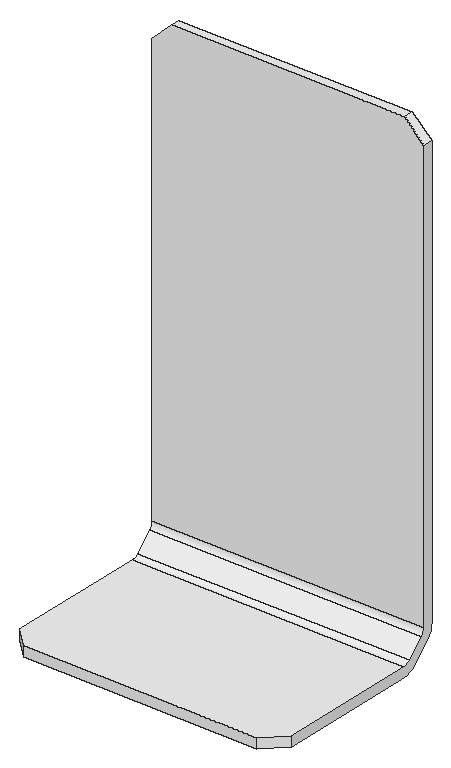
Revit family "JOMA_423", category Structural Connections, host Face, Revit 2012 (continued)
Lines and regions (mm)
  symbolic lines, visible <- "Vinkelbeslag 4230203"
    curve 369: line (7, -36, 0) -> (7, -30, 0)
    curve 370: line (-7, -36, 0) -> (-7, -30, 0)
    curve 371: arc (-7, -30, 0) -> (0, -23, 0) -> (7, -30, 0) r 7
    curve 372: arc (-7, -36, 0) -> (0, -43, 0) -> (7, -36, 0) r 7
    curve 373: spline (-12.525, -27.521, 0) -> (-12.443, -26.368, 0) -> (-12.361, -25.196, 0) -> (-12.28, -24.005, 0) -> (-12.2, -22.796, 0) -> (-12.12, -21.569, 0) -> (-12.041, -20.323, 0) -> (-11.963, -19.059, 0) -> (-11.886, -17.778, 0) -> (-11.81, -16.479, 0) -> (-11.734, -15.162, 0) -> (-11.659, -13.828, 0) -> (-11.586, -12.477, 0)
    curve 374: arc (-22.475, -27.521, 0) -> (-17.5, -32.148, 0) -> (-12.525, -27.521, 0) r 4.988
    curve 375: spline (-23.414, -12.477, 0) -> (-23.341, -13.828, 0) -> (-23.266, -15.162, 0) -> (-23.19, -16.479, 0) -> (-23.114, -17.778, 0) -> (-23.037, -19.059, 0) -> (-22.959, -20.323, 0) -> (-22.88, -21.569, 0) -> (-22.8, -22.796, 0) -> (-22.72, -24.005, 0) -> (-22.639, -25.196, 0) -> (-22.557, -26.368, 0) -> (-22.475, -27.521, 0)
    curve 376: line (-24.932, -8.818, 0) -> (-24.932, -2.5, 0)
    curve 377: arc (-23.414, -12.477, 0) -> (-23.891, -10.531, 0) -> (-24.932, -8.818, 0) r 6.575
    curve 378: line (-10.068, -8.818, 0) -> (-10.068, -2.5, 0)
    curve 379: arc (-11.586, -12.477, 0) -> (-11.109, -10.531, 0) -> (-10.068, -8.818, 0) r 6.575
    curve 380: circle (30, -35, 0) r 2.5 normal (0, 0, -1)
    curve 381: circle (20, -50, 0) r 2.5 normal (0, 0, -1)
    curve 382: spline (12.525, -27.521, 0) -> (12.443, -26.368, 0) -> (12.361, -25.196, 0) -> (12.28, -24.005, 0) -> (12.2, -22.796, 0) -> (12.12, -21.569, 0) -> (12.041, -20.323, 0) -> (11.963, -19.059, 0) -> (11.886, -17.778, 0) -> (11.81, -16.479, 0) -> (11.734, -15.162, 0) -> (11.659, -13.828, 0) -> (11.586, -12.477, 0)
    curve 383: arc (22.475, -27.521, 0) -> (17.5, -32.148, 0) -> (12.525, -27.521, 0) r 4.988
    curve 384: spline (23.414, -12.477, 0) -> (23.341, -13.828, 0) -> (23.266, -15.162, 0) -> (23.19, -16.479, 0) -> (23.114, -17.778, 0) -> (23.037, -19.059, 0) -> (22.959, -20.323, 0) -> (22.88, -21.569, 0) -> (22.8, -22.796, 0) -> (22.72, -24.005, 0) -> (22.639, -25.196, 0) -> (22.557, -26.368, 0) -> (22.475, -27.521, 0)
    curve 385: line (24.932, -8.818, 0) -> (24.932, -2.5, 0)
    curve 386: arc (23.414, -12.477, 0) -> (23.891, -10.531, 0) -> (24.932, -8.818, 0) r 6.575
    curve 387: line (10.068, -8.818, 0) -> (10.068, -2.5, 0)
    curve 388: arc (11.586, -12.477, 0) -> (11.109, -10.531, 0) -> (10.068, -8.818, 0) r 6.575
    curve 411: circle (-25, 0, 155) r 2.5 normal (0, -1, 0)
    curve 412: circle (0, 0, 155) r 2.5 normal (0, -1, 0)
    curve 413: circle (25, 0, 155) r 2.5 normal (0, 1, 0)
    curve 414: circle (-25, 0, 125) r 2.5 normal (0, -1, 0)
    curve 415: circle (0, 0, 125) r 2.5 normal (0, -1, 0)
    curve 416: circle (25, 0, 125) r 2.5 normal (0, 1, 0)
    curve 417: circle (-20, 0, 95) r 2.5 normal (0, -1, 0)
    curve 418: circle (-25, 0, 70) r 2.5 normal (0, -1, 0)
    curve 419: circle (-20, 0, 50) r 2.5 normal (0, -1, 0)
    curve 420: circle (-30, 0, 20) r 2.5 normal (0, -1, 0)
    curve 421: circle (0, 0, 70) r 2.5 normal (0, -1, 0)
    curve 422: circle (0, 0, 105) r 5.5 normal (0, -1, 0)
    curve 423: circle (0, 0, 50) r 5.5 normal (0, -1, 0)
    curve 424: circle (0, 0, 20) r 2.5 normal (0, -1, 0)
    curve 425: circle (20, 0, 95) r 2.5 normal (0, 1, 0)
    curve 426: circle (25, 0, 70) r 2.5 normal (0, 1, 0)
    curve 427: circle (20, 0, 50) r 2.5 normal (0, 1, 0)
    curve 428: circle (30, 0, 20) r 2.5 normal (0, 1, 0)
    curve 429: line (-24.932, 0, 2.5) -> (-24.932, 0, 8.818)
    curve 430: spline (-21.652, 0, 37.548) -> (-21.811, 0, 35.805) -> (-21.968, 0, 33.997) -> (-22.123, 0, 32.124) -> (-22.275, 0, 30.188) -> (-22.426, 0, 28.19) -> (-22.574, 0, 26.13) -> (-22.72, 0, 24.01) -> (-22.863, 0, 21.83) -> (-23.004, 0, 19.592) -> (-23.142, 0, 17.296) -> (-23.278, 0, 14.943) -> (-23.411, 0, 12.536)
    curve 431: arc (-13.348, 0, 37.548) -> (-17.5, 0, 41.33) -> (-21.652, 0, 37.548) r 4.17
    curve 432: spline (-11.589, 0, 12.536) -> (-11.722, 0, 14.943) -> (-11.858, 0, 17.296) -> (-11.996, 0, 19.592) -> (-12.137, 0, 21.83) -> (-12.28, 0, 24.01) -> (-12.426, 0, 26.13) -> (-12.574, 0, 28.19) -> (-12.725, 0, 30.188) -> (-12.877, 0, 32.124) -> (-13.032, 0, 33.997) -> (-13.189, 0, 35.805) -> (-13.348, 0, 37.548)
    curve 433: line (-10.068, 0, 8.818) -> (-10.068, 0, 2.5)
    curve 434: arc (-24.932, 0, 8.818) -> (-23.853, 0, 10.547) -> (-23.411, 0, 12.536) r 6.036
    curve 435: arc (-10.068, 0, 8.818) -> (-11.147, 0, 10.547) -> (-11.589, 0, 12.536) r 6.036
    curve 436: line (24.932, 0, 2.5) -> (24.932, 0, 8.818)
    curve 437: spline (21.652, 0, 37.548) -> (21.811, 0, 35.805) -> (21.968, 0, 33.997) -> (22.123, 0, 32.124) -> (22.275, 0, 30.188) -> (22.426, 0, 28.19) -> (22.574, 0, 26.13) -> (22.72, 0, 24.01) -> (22.863, 0, 21.83) -> (23.004, 0, 19.592) -> (23.142, 0, 17.296) -> (23.278, 0, 14.943) -> (23.411, 0, 12.536)
    curve 438: arc (13.348, 0, 37.548) -> (17.5, 0, 41.33) -> (21.652, 0, 37.548) r 4.17
    curve 439: spline (11.589, 0, 12.536) -> (11.722, 0, 14.943) -> (11.858, 0, 17.296) -> (11.996, 0, 19.592) -> (12.137, 0, 21.83) -> (12.28, 0, 24.01) -> (12.426, 0, 26.13) -> (12.574, 0, 28.19) -> (12.725, 0, 30.188) -> (12.877, 0, 32.124) -> (13.032, 0, 33.997) -> (13.189, 0, 35.805) -> (13.348, 0, 37.548)
    curve 440: line (10.068, 0, 8.818) -> (10.068, 0, 2.5)
    curve 441: arc (24.932, 0, 8.818) -> (23.853, 0, 10.547) -> (23.411, 0, 12.536) r 6.036
    curve 442: arc (10.068, 0, 8.818) -> (11.147, 0, 10.547) -> (11.589, 0, 12.536) r 6.036
    curve 529: arc (0, -2.5, 41.33) -> (0, -2.565, 40.823) -> (0, -2.757, 40.349) r 2
    curve 530: arc (0, -3.584, 37.5) -> (0, -3.335, 38.972) -> (0, -2.757, 40.349) r 6.5
    curve 531: line (0, -3.584, 37.5) -> (0, -4.895, 12.498)
    curve 532: arc (0, -4.895, 12.498) -> (0, -5.235, 11.081) -> (0, -6.061, 9.879) r 4
    curve 533: line (0, -6.061, 9.879) -> (0, -9.879, 6.061)
    curve 534: arc (0, -9.879, 6.061) -> (0, -11.081, 5.235) -> (0, -12.498, 4.895) r 4
    curve 535: line (0, -12.498, 4.895) -> (0, -27.5, 4.108)
    curve 536: arc (0, -30.974, 2.881) -> (0, -29.326, 3.746) -> (0, -27.5, 4.108) r 6.5
    curve 537: arc (0, -30.974, 2.881) -> (0, -31.531, 2.598) -> (0, -32.148, 2.5) r 2
  symbolic lines, visible <- "Vinkelbeslag 4230203", not visible
    curve 389: circle (-30, -35, 0) r 2.5 normal (0, 0, 1)
    curve 390: circle (-20, -50, 0) r 2.5 normal (0, 0, 1)
    curve 391: line (7, -36, 0) -> (7, -30, 0)
    curve 392: line (-7, -36, 0) -> (-7, -30, 0)
    curve 393: arc (-7, -30, 0) -> (0, -23, 0) -> (7, -30, 0) r 7
    curve 394: arc (-7, -36, 0) -> (0, -43, 0) -> (7, -36, 0) r 7
    curve 395: spline (-12.525, -27.521, 0) -> (-12.443, -26.368, 0) -> (-12.361, -25.196, 0) -> (-12.28, -24.005, 0) -> (-12.2, -22.796, 0) -> (-12.12, -21.569, 0) -> (-12.041, -20.323, 0) -> (-11.963, -19.059, 0) -> (-11.886, -17.778, 0) -> (-11.81, -16.479, 0) -> (-11.734, -15.162, 0) -> (-11.659, -13.828, 0) -> (-11.586, -12.477, 0)
    curve 396: arc (-22.475, -27.521, 0) -> (-17.5, -32.148, 0) -> (-12.525, -27.521, 0) r 4.988
    curve 397: spline (-23.414, -12.477, 0) -> (-23.341, -13.828, 0) -> (-23.266, -15.162, 0) -> (-23.19, -16.479, 0) -> (-23.114, -17.778, 0) -> (-23.037, -19.059, 0) -> (-22.959, -20.323, 0) -> (-22.88, -21.569, 0) -> (-22.8, -22.796, 0) -> (-22.72, -24.005, 0) -> (-22.639, -25.196, 0) -> (-22.557, -26.368, 0) -> (-22.475, -27.521, 0)
    curve 398: line (-24.932, -8.818, 0) -> (-24.932, -2.5, 0)
    curve 399: arc (-23.414, -12.477, 0) -> (-23.891, -10.531, 0) -> (-24.932, -8.818, 0) r 6.575
    curve 400: line (-10.068, -8.818, 0) -> (-10.068, -2.5, 0)
    curve 401: arc (-11.586, -12.477, 0) -> (-11.109, -10.531, 0) -> (-10.068, -8.818, 0) r 6.575
    curve 402: circle (30, -35, 0) r 2.5 normal (0, 0, -1)
    curve 403: circle (20, -50, 0) r 2.5 normal (0, 0, -1)
    curve 404: spline (12.525, -27.521, 0) -> (12.443, -26.368, 0) -> (12.361, -25.196, 0) -> (12.28, -24.005, 0) -> (12.2, -22.796, 0) -> (12.12, -21.569, 0) -> (12.041, -20.323, 0) -> (11.963, -19.059, 0) -> (11.886, -17.778, 0) -> (11.81, -16.479, 0) -> (11.734, -15.162, 0) -> (11.659, -13.828, 0) -> (11.586, -12.477, 0)
    curve 405: arc (22.475, -27.521, 0) -> (17.5, -32.148, 0) -> (12.525, -27.521, 0) r 4.988
    curve 406: spline (23.414, -12.477, 0) -> (23.341, -13.828, 0) -> (23.266, -15.162, 0) -> (23.19, -16.479, 0) -> (23.114, -17.778, 0) -> (23.037, -19.059, 0) -> (22.959, -20.323, 0) -> (22.88, -21.569, 0) -> (22.8, -22.796, 0) -> (22.72, -24.005, 0) -> (22.639, -25.196, 0) -> (22.557, -26.368, 0) -> (22.475, -27.521, 0)
    curve 407: line (24.932, -8.818, 0) -> (24.932, -2.5, 0)
    curve 408: arc (23.414, -12.477, 0) -> (23.891, -10.531, 0) -> (24.932, -8.818, 0) r 6.575
    curve 409: line (10.068, -8.818, 0) -> (10.068, -2.5, 0)
    curve 410: arc (11.586, -12.477, 0) -> (11.109, -10.531, 0) -> (10.068, -8.818, 0) r 6.575
    curve 443: circle (-25, 0, 155) r 2.5 normal (0, -1, 0)
    curve 444: circle (0, 0, 155) r 2.5 normal (0, -1, 0)
    curve 445: circle (25, 0, 155) r 2.5 normal (0, 1, 0)
    curve 446: circle (-25, 0, 125) r 2.5 normal (0, -1, 0)
    curve 447: circle (0, 0, 125) r 2.5 normal (0, -1, 0)
    curve 448: circle (25, 0, 125) r 2.5 normal (0, 1, 0)
    curve 449: circle (-20, 0, 95) r 2.5 normal (0, -1, 0)
    curve 450: circle (-25, 0, 70) r 2.5 normal (0, -1, 0)
    curve 451: circle (-20, 0, 50) r 2.5 normal (0, -1, 0)
    curve 452: circle (-30, 0, 20) r 2.5 normal (0, -1, 0)
    curve 453: circle (0, 0, 70) r 2.5 normal (0, -1, 0)
    curve 454: circle (0, 0, 105) r 5.5 normal (0, -1, 0)
    curve 455: circle (0, 0, 50) r 5.5 normal (0, -1, 0)
    curve 456: circle (0, 0, 20) r 2.5 normal (0, -1, 0)
    curve 457: circle (20, 0, 95) r 2.5 normal (0, 1, 0)
    curve 458: circle (25, 0, 70) r 2.5 normal (0, 1, 0)
    curve 459: circle (20, 0, 50) r 2.5 normal (0, 1, 0)
    curve 460: circle (30, 0, 20) r 2.5 normal (0, 1, 0)
    curve 461: line (-24.932, 0, 2.5) -> (-24.932, 0, 8.818)
    curve 462: spline (-21.652, 0, 37.548) -> (-21.811, 0, 35.805) -> (-21.968, 0, 33.997) -> (-22.123, 0, 32.124) -> (-22.275, 0, 30.188) -> (-22.426, 0, 28.19) -> (-22.574, 0, 26.13) -> (-22.72, 0, 24.01) -> (-22.863, 0, 21.83) -> (-23.004, 0, 19.592) -> (-23.142, 0, 17.296) -> (-23.278, 0, 14.943) -> (-23.411, 0, 12.536)
    curve 463: arc (-13.348, 0, 37.548) -> (-17.5, 0, 41.33) -> (-21.652, 0, 37.548) r 4.17
    curve 464: spline (-11.589, 0, 12.536) -> (-11.722, 0, 14.943) -> (-11.858, 0, 17.296) -> (-11.996, 0, 19.592) -> (-12.137, 0, 21.83) -> (-12.28, 0, 24.01) -> (-12.426, 0, 26.13) -> (-12.574, 0, 28.19) -> (-12.725, 0, 30.188) -> (-12.877, 0, 32.124) -> (-13.032, 0, 33.997) -> (-13.189, 0, 35.805) -> (-13.348, 0, 37.548)
    curve 465: line (-10.068, 0, 8.818) -> (-10.068, 0, 2.5)
    curve 466: arc (-24.932, 0, 8.818) -> (-23.853, 0, 10.547) -> (-23.411, 0, 12.536) r 6.036
    curve 467: arc (-10.068, 0, 8.818) -> (-11.147, 0, 10.547) -> (-11.589, 0, 12.536) r 6.036
    curve 468: line (24.932, 0, 2.5) -> (24.932, 0, 8.818)
    curve 469: spline (21.652, 0, 37.548) -> (21.811, 0, 35.805) -> (21.968, 0, 33.997) -> (22.123, 0, 32.124) -> (22.275, 0, 30.188) -> (22.426, 0, 28.19) -> (22.574, 0, 26.13) -> (22.72, 0, 24.01) -> (22.863, 0, 21.83) -> (23.004, 0, 19.592) -> (23.142, 0, 17.296) -> (23.278, 0, 14.943) -> (23.411, 0, 12.536)
    curve 470: arc (13.348, 0, 37.548) -> (17.5, 0, 41.33) -> (21.652, 0, 37.548) r 4.17
    curve 471: spline (11.589, 0, 12.536) -> (11.722, 0, 14.943) -> (11.858, 0, 17.296) -> (11.996, 0, 19.592) -> (12.137, 0, 21.83) -> (12.28, 0, 24.01) -> (12.426, 0, 26.13) -> (12.574, 0, 28.19) -> (12.725, 0, 30.188) -> (12.877, 0, 32.124) -> (13.032, 0, 33.997) -> (13.189, 0, 35.805) -> (13.348, 0, 37.548)
    curve 472: line (10.068, 0, 8.818) -> (10.068, 0, 2.5)
    curve 473: arc (24.932, 0, 8.818) -> (23.853, 0, 10.547) -> (23.411, 0, 12.536) r 6.036
    curve 474: arc (10.068, 0, 8.818) -> (11.147, 0, 10.547) -> (11.589, 0, 12.536) r 6.036
    curve 538: arc (0, -2.5, 41.33) -> (0, -2.565, 40.823) -> (0, -2.757, 40.349) r 2
    curve 539: arc (0, -3.584, 37.5) -> (0, -3.335, 38.972) -> (0, -2.757, 40.349) r 6.5
    curve 540: line (0, -3.584, 37.5) -> (0, -4.895, 12.498)
    curve 541: arc (0, -4.895, 12.498) -> (0, -5.235, 11.081) -> (0, -6.061, 9.879) r 4
    curve 542: line (0, -6.061, 9.879) -> (0, -9.879, 6.061)
    curve 543: arc (0, -9.879, 6.061) -> (0, -11.081, 5.235) -> (0, -12.498, 4.895) r 4
    curve 544: line (0, -12.498, 4.895) -> (0, -27.5, 4.108)
    curve 545: arc (0, -30.974, 2.881) -> (0, -29.326, 3.746) -> (0, -27.5, 4.108) r 6.5
    curve 546: arc (0, -30.974, 2.881) -> (0, -31.531, 2.598) -> (0, -32.148, 2.5) r 2
Text (mm)
  text "Virkesdel A" at (288.172, 0, 116.533), in view "Front"
  text "Virkesdel B/Betong" at (183.717, -6.69, 0), in view "Ref. Level"
Dimensions and locks
  "b": plane 5 to plane 4
  "l": plane 1 "Center (Front/Back)" to plane 6
  "h": plane 7 to host face
  equal spacing: plane 5, plane 3 "Center (Left/Right)", plane 4
  "t": plane 1 "Center (Front/Back)" to Extrusion 1
  "t": Extrusion 1 to host face
  plane 7 to host face = 125.000 mm
  aligned and locked: plane 2 to host face
  aligned and locked: level to host face
  aligned and locked: plane 5 to Extrusion 1
  aligned and locked: Extrusion 1 to plane 4
  aligned and locked: Extrusion 1 to plane 6
  aligned and locked: plane 7 to Extrusion 1
Automatic sketch dimensions
  host sketch curve to host sketch curve = 2438.400 mm  (x2)
  Extrusion 1 sketch curve to Extrusion 1 sketch curve = 0.000 mm  (x3)
  Extrusion 1 sketch curve to plane 6 = 0.000 mm
  Extrusion 1 sketch curve to plane 7 = 0.000 mm
  Extrusion 1 sketch curve to plane 1 "Center (Front/Back)" = 0.000 mm
  Extrusion 1 sketch curve to level = 0.000 mm
  plane 1 "Center (Front/Back)" to Extrusion 1 sketch curve = 8.818 mm
  level to Extrusion 1 sketch curve = 3.232 mm
  Extrusion 1 sketch curve to Extrusion 1 sketch curve = 1.768 mm  (x3)
  level to Extrusion 1 sketch curve = 1.464 mm
  plane 1 "Center (Front/Back)" to Extrusion 1 sketch curve = 5.000 mm
  plane 1 "Center (Front/Back)" to Extrusion 1 sketch curve = 2.500 mm
  plane 1 "Center (Front/Back)" to Extrusion 1 sketch curve = 1.464 mm
  level to Extrusion 1 sketch curve = 2.500 mm
  level to Extrusion 1 sketch curve = 5.283 mm
  Extrusion 2 sketch curve to plane 4 = 0.000 mm
  Extrusion 2 sketch curve to plane 6 = 0.000 mm  (x2)
  Extrusion 2 sketch curve to plane 5 = 0.000 mm
  plane 4 to Extrusion 2 sketch curve = 5.000 mm
  Extrusion 2 sketch curve to plane 5 = 5.000 mm
  Extrusion 2 sketch curve to Extrusion 2 sketch curve = 5.000 mm
  plane 6 to Extrusion 2 sketch curve = 5.000 mm
  Extrusion 3 sketch curve to plane 4 = 0.000 mm
  Extrusion 3 sketch curve to plane 7 = 0.000 mm  (x2)
  Extrusion 3 sketch curve to plane 5 = 0.000 mm
  plane 4 to Extrusion 3 sketch curve = 5.000 mm
  Extrusion 3 sketch curve to Extrusion 3 sketch curve = 5.000 mm
  Extrusion 3 sketch curve to plane 7 = 5.000 mm  (x2)
Nested families
  nested 1: "Spikmönster" at (-25, 0, 117) x (1, 0, 0) z (0, -1, 0), visible <- "4230101 Spikmönster 0°≤α≤45°", type "Ø5"
  nested 2: "Spikmönster" at (25, 0, 117) x (1, 0, 0) z (0, -1, 0), visible <- "4230101 Spikmönster 0°≤α≤45°", type "Ø5"
  nested 3: "Spikmönster" at (25, 0, 70) x (1, 0, 0) z (0, -1, 0), visible <- "4230101 Spikmönster 0°≤α≤45°", type "Ø5"
  nested 4: "Spikmönster" at (-25, 0, 70) x (1, 0, 0) z (0, -1, 0), visible <- "4230101 Spikmönster 0°≤α≤45°", type "Ø5"
  nested 5: "Spikmönster" at (-20, 0, 50) x (1, 0, 0) z (0, -1, 0), visible <- "4230101 Spikmönster 0°≤α≤45°", type "Ø5"
  nested 6: "Spikmönster" at (20, 0, 50) x (1, 0, 0) z (0, -1, 0), visible <- "4230101 Spikmönster 0°≤α≤45°", type "Ø5"
  nested 7: "Spikmönster" at (-25, 0, 117) x (1, 0, 0) z (0, -1, 0), visible <- "4230101 Spikmönster 45°≤α≤90°", type "Ø5"
  nested 8: "Spikmönster" at (0, 0, 117) x (1, 0, 0) z (0, -1, 0), visible <- "4230101 Spikmönster 45°≤α≤90°", type "Ø5"
  nested 9: "Spikmönster" at (25, 0, 117) x (1, 0, 0) z (0, -1, 0), visible <- "4230101 Spikmönster 45°≤α≤90°", type "Ø5"
  nested 10: "Spikmönster" at (-25, 0, 70) x (1, 0, 0) z (0, -1, 0), visible <- "4230101 Spikmönster 45°≤α≤90°", type "Ø5"
  nested 11: "Spikmönster" at (0, 0, 70) x (1, 0, 0) z (0, -1, 0), visible <- "4230101 Spikmönster 45°≤α≤90°", type "Ø5"
  nested 12: "Spikmönster" at (25, 0, 70) x (1, 0, 0) z (0, -1, 0), visible <- "4230101 Spikmönster 45°≤α≤90°", type "Ø5"
  nested 13: "Spikmönster" at (-25, 0, 117) x (1, 0, 0) z (0, -1, 0), visible <- "4230101 Spikmönster 0°≤α≤45°", type "Ø5", not visible
  nested 14: "Spikmönster" at (25, 0, 117) x (1, 0, 0) z (0, -1, 0), visible <- "4230101 Spikmönster 0°≤α≤45°", type "Ø5", not visible
  nested 15: "Spikmönster" at (25, 0, 70) x (1, 0, 0) z (0, -1, 0), visible <- "4230101 Spikmönster 0°≤α≤45°", type "Ø5", not visible
  nested 16: "Spikmönster" at (-25, 0, 70) x (1, 0, 0) z (0, -1, 0), visible <- "4230101 Spikmönster 0°≤α≤45°", type "Ø5", not visible
  nested 17: "Spikmönster" at (-20, 0, 50) x (1, 0, 0) z (0, -1, 0), visible <- "4230101 Spikmönster 0°≤α≤45°", type "Ø5", not visible
  nested 18: "Spikmönster" at (20, 0, 50) x (1, 0, 0) z (0, -1, 0), visible <- "4230101 Spikmönster 0°≤α≤45°", type "Ø5", not visible
  nested 19: "Spikmönster" at (-25, 0, 117) x (1, 0, 0) z (0, -1, 0), visible <- "4230101 Spikmönster 45°≤α≤90°", type "Ø5", not visible
  nested 20: "Spikmönster" at (0, 0, 117) x (1, 0, 0) z (0, -1, 0), visible <- "4230101 Spikmönster 45°≤α≤90°", type "Ø5", not visible
  nested 21: "Spikmönster" at (25, 0, 117) x (1, 0, 0) z (0, -1, 0), visible <- "4230101 Spikmönster 45°≤α≤90°", type "Ø5", not visible
  nested 22: "Spikmönster" at (-25, 0, 70) x (1, 0, 0) z (0, -1, 0), visible <- "4230101 Spikmönster 45°≤α≤90°", type "Ø5", not visible
  nested 23: "Spikmönster" at (0, 0, 70) x (1, 0, 0) z (0, -1, 0), visible <- "4230101 Spikmönster 45°≤α≤90°", type "Ø5", not visible
  nested 24: "Spikmönster" at (25, 0, 70) x (1, 0, 0) z (0, -1, 0), visible <- "4230101 Spikmönster 45°≤α≤90°", type "Ø5", not visible
  nested 25: "Spikmönster" at (0, -20, 0), visible <- "4230101 Spikmönster Bult 45°≤α≤90°", type "Ø11"
  nested 26: "Spikmönster" at (0, -50, 0), visible <- "4230201 Spikmönster Bult 45°≤α≤90°", type "Ø13"
  nested 27: "Spikmönster" at (0, -60, 0), visible <- "4230202 Spikmönster Bult 45°≤α≤90°", type "Ø13"
  nested 28: "Spikmönster" at (-30, -15, 0), visible <- "4230101 Spikmönster 0°≤α≤45°", type "Ø5"
  nested 29: "Spikmönster" at (-20, -40, 0), visible <- "4230101 Spikmönster 0°≤α≤45°", type "Ø5"
  nested 30: "Spikmönster" at (0, -35, 0), visible <- "4230101 Spikmönster 0°≤α≤45°", type "Ø5"
  nested 31: "Spikmönster" at (20, -40, 0), visible <- "4230101 Spikmönster 0°≤α≤45°", type "Ø5"
  nested 32: "Spikmönster" at (30, -15, 0), visible <- "4230101 Spikmönster 0°≤α≤45°", type "Ø5"
  nested 33: "Spikmönster" at (-30, -15, 0), visible <- "4230101 Spikmönster 45°≤α≤90°", type "Ø5"
  nested 34: "Spikmönster" at (-20, -40, 0), visible <- "4230101 Spikmönster 45°≤α≤90°", type "Ø5"
  nested 35: "Spikmönster" at (0, -35, 0), visible <- "4230101 Spikmönster 45°≤α≤90°", type "Ø5"
  nested 36: "Spikmönster" at (20, -40, 0), visible <- "4230101 Spikmönster 45°≤α≤90°", type "Ø5"
  nested 37: "Spikmönster" at (30, -15, 0), visible <- "4230101 Spikmönster 45°≤α≤90°", type "Ø5"
  nested 38: "Spikmönster" at (0, -20, 0), visible <- "4230101 Spikmönster Bult 45°≤α≤90°", type "Ø11", not visible
  nested 39: "Spikmönster" at (-30, -15, 0), visible <- "4230101 Spikmönster 0°≤α≤45°", type "Ø5", not visible
  nested 40: "Spikmönster" at (-20, -40, 0), visible <- "4230101 Spikmönster 0°≤α≤45°", type "Ø5", not visible
  nested 41: "Spikmönster" at (0, -35, 0), visible <- "4230101 Spikmönster 0°≤α≤45°", type "Ø5", not visible
  nested 42: "Spikmönster" at (20, -40, 0), visible <- "4230101 Spikmönster 0°≤α≤45°", type "Ø5", not visible
  nested 43: "Spikmönster" at (30, -15, 0), visible <- "4230101 Spikmönster 0°≤α≤45°", type "Ø5", not visible
  nested 44: "Spikmönster" at (-30, -15, 0), visible <- "4230101 Spikmönster 45°≤α≤90°", type "Ø5", not visible
  nested 45: "Spikmönster" at (-20, -40, 0), visible <- "4230101 Spikmönster 45°≤α≤90°", type "Ø5", not visible
  nested 46: "Spikmönster" at (0, -35, 0), visible <- "4230101 Spikmönster 45°≤α≤90°", type "Ø5", not visible
  nested 47: "Spikmönster" at (20, -40, 0), visible <- "4230101 Spikmönster 45°≤α≤90°", type "Ø5", not visible
  nested 48: "Spikmönster" at (30, -15, 0), visible <- "4230101 Spikmönster 45°≤α≤90°", type "Ø5", not visible
  nested 49: "Spikmönster" at (-10, -18, 0), visible <- "4230201 Spikmönster 0°≤α≤45°", type "Ø5"
  nested 50: "Spikmönster" at (10, -18, 0), visible <- "4230201 Spikmönster 0°≤α≤45°", type "Ø5"
  nested 51: "Spikmönster" at (-12, -92, 0), visible <- "4230201 Spikmönster 0°≤α≤45°", type "Ø5"
  nested 52: "Spikmönster" at (12, -92, 0), visible <- "4230201 Spikmönster 0°≤α≤45°", type "Ø5"
  nested 53: "Spikmönster" at (-10, -18, 0), visible <- "4230201 Spikmönster 45°≤α≤90°", type "Ø5"
  nested 54: "Spikmönster" at (10, -18, 0), visible <- "4230201 Spikmönster 45°≤α≤90°", type "Ø5"
  nested 55: "Spikmönster" at (-12, -92, 0), visible <- "4230201 Spikmönster 45°≤α≤90°", type "Ø5"
  nested 56: "Spikmönster" at (12, -92, 0), visible <- "4230201 Spikmönster 45°≤α≤90°", type "Ø5"
  nested 57: "Spikmönster" at (0, -50, 0), visible <- "4230201 Spikmönster Bult 45°≤α≤90°", type "Ø13", not visible
  nested 58: "Spikmönster" at (-10, -18, 0), visible <- "4230201 Spikmönster 0°≤α≤45°", type "Ø5", not visible
  nested 59: "Spikmönster" at (10, -18, 0), visible <- "4230201 Spikmönster 0°≤α≤45°", type "Ø5", not visible
  nested 60: "Spikmönster" at (-12, -92, 0), visible <- "4230201 Spikmönster 0°≤α≤45°", type "Ø5", not visible
  nested 61: "Spikmönster" at (12, -92, 0), visible <- "4230201 Spikmönster 0°≤α≤45°", type "Ø5", not visible
  nested 62: "Spikmönster" at (-10, -18, 0), visible <- "4230201 Spikmönster 45°≤α≤90°", type "Ø5", not visible
  nested 63: "Spikmönster" at (10, -18, 0), visible <- "4230201 Spikmönster 45°≤α≤90°", type "Ø5", not visible
  nested 64: "Spikmönster" at (-12, -92, 0), visible <- "4230201 Spikmönster 45°≤α≤90°", type "Ø5", not visible
  nested 65: "Spikmönster" at (12, -92, 0), visible <- "4230201 Spikmönster 45°≤α≤90°", type "Ø5", not visible
  nested 66: "Spikmönster" at (0, 0, 133) x (1, 0, 0) z (0, -1, 0), visible <- "4230201 Spikmönster 0°≤α≤45°", type "Ø5"
  nested 67: "Spikmönster" at (-28, 0, 109) x (1, 0, 0) z (0, -1, 0), visible <- "4230201 Spikmönster 0°≤α≤45°", type "Ø5"
  nested 68: "Spikmönster" at (-28, 0, 85) x (1, 0, 0) z (0, -1, 0), visible <- "4230201 Spikmönster 0°≤α≤45°", type "Ø5"
  nested 69: "Spikmönster" at (28, 0, 85) x (1, 0, 0) z (0, -1, 0), visible <- "4230201 Spikmönster 0°≤α≤45°", type "Ø5"
  nested 70: "Spikmönster" at (28, 0, 109) x (1, 0, 0) z (0, -1, 0), visible <- "4230201 Spikmönster 0°≤α≤45°", type "Ø5"
  nested 71: "Spikmönster" at (0, 0, 133) x (1, 0, 0) z (0, -1, 0), visible <- "4230201 Spikmönster 45°≤α≤90°", type "Ø5"
  nested 72: "Spikmönster" at (-28, 0, 85) x (1, 0, 0) z (0, -1, 0), visible <- "4230201 Spikmönster 45°≤α≤90°", type "Ø5"
  nested 73: "Spikmönster" at (28, 0, 85) x (1, 0, 0) z (0, -1, 0), visible <- "4230201 Spikmönster 45°≤α≤90°", type "Ø5"
  nested 74: "Spikmönster" at (12, 0, 73) x (1, 0, 0) z (0, -1, 0), visible <- "4230201 Spikmönster 45°≤α≤90°", type "Ø5"
  nested 75: "Spikmönster" at (-12, 0, 73) x (1, 0, 0) z (0, -1, 0), visible <- "4230201 Spikmönster 45°≤α≤90°", type "Ø5"
  nested 76: "Spikmönster" at (0, 0, 133) x (1, 0, 0) z (0, -1, 0), visible <- "4230201 Spikmönster 0°≤α≤45°", type "Ø5", not visible
  nested 77: "Spikmönster" at (-28, 0, 109) x (1, 0, 0) z (0, -1, 0), visible <- "4230201 Spikmönster 0°≤α≤45°", type "Ø5", not visible
  nested 78: "Spikmönster" at (-28, 0, 85) x (1, 0, 0) z (0, -1, 0), visible <- "4230201 Spikmönster 0°≤α≤45°", type "Ø5", not visible
  nested 79: "Spikmönster" at (28, 0, 85) x (1, 0, 0) z (0, -1, 0), visible <- "4230201 Spikmönster 0°≤α≤45°", type "Ø5", not visible
  nested 80: "Spikmönster" at (28, 0, 109) x (1, 0, 0) z (0, -1, 0), visible <- "4230201 Spikmönster 0°≤α≤45°", type "Ø5", not visible
  nested 81: "Spikmönster" at (0, 0, 133) x (1, 0, 0) z (0, -1, 0), visible <- "4230201 Spikmönster 45°≤α≤90°", type "Ø5", not visible
  nested 82: "Spikmönster" at (-28, 0, 85) x (1, 0, 0) z (0, -1, 0), visible <- "4230201 Spikmönster 45°≤α≤90°", type "Ø5", not visible
  nested 83: "Spikmönster" at (28, 0, 85) x (1, 0, 0) z (0, -1, 0), visible <- "4230201 Spikmönster 45°≤α≤90°", type "Ø5", not visible
  nested 84: "Spikmönster" at (12, 0, 73) x (1, 0, 0) z (0, -1, 0), visible <- "4230201 Spikmönster 45°≤α≤90°", type "Ø5", not visible
  nested 85: "Spikmönster" at (-12, 0, 73) x (1, 0, 0) z (0, -1, 0), visible <- "4230201 Spikmönster 45°≤α≤90°", type "Ø5", not visible
  nested 86: "Spikmönster" at (0, 0, 133) x (1, 0, 0) z (0, -1, 0), visible <- "4230202 Spikmönster 0°≤α≤45°", type "Ø5"
  nested 87: "Spikmönster" at (-28, 0, 109) x (1, 0, 0) z (0, -1, 0), visible <- "4230202 Spikmönster 0°≤α≤45°", type "Ø5"
  nested 88: "Spikmönster" at (-28, 0, 85) x (1, 0, 0) z (0, -1, 0), visible <- "4230202 Spikmönster 0°≤α≤45°", type "Ø5"
  nested 89: "Spikmönster" at (28, 0, 85) x (1, 0, 0) z (0, -1, 0), visible <- "4230202 Spikmönster 0°≤α≤45°", type "Ø5"
  nested 90: "Spikmönster" at (28, 0, 109) x (1, 0, 0) z (0, -1, 0), visible <- "4230202 Spikmönster 0°≤α≤45°", type "Ø5"
  nested 91: "Spikmönster" at (0, 0, 133) x (1, 0, 0) z (0, -1, 0), visible <- "4230202 Spikmönster 45°≤α≤90°", type "Ø5"
  nested 92: "Spikmönster" at (-28, 0, 85) x (1, 0, 0) z (0, -1, 0), visible <- "4230202 Spikmönster 45°≤α≤90°", type "Ø5"
  nested 93: "Spikmönster" at (28, 0, 85) x (1, 0, 0) z (0, -1, 0), visible <- "4230202 Spikmönster 45°≤α≤90°", type "Ø5"
  nested 94: "Spikmönster" at (12, 0, 73) x (1, 0, 0) z (0, -1, 0), visible <- "4230202 Spikmönster 45°≤α≤90°", type "Ø5"
  nested 95: "Spikmönster" at (-12, 0, 73) x (1, 0, 0) z (0, -1, 0), visible <- "4230202 Spikmönster 45°≤α≤90°", type "Ø5"
  nested 96: "Spikmönster" at (0, 0, 133) x (1, 0, 0) z (0, -1, 0), visible <- "4230202 Spikmönster 0°≤α≤45°", type "Ø5", not visible
  nested 97: "Spikmönster" at (-28, 0, 109) x (1, 0, 0) z (0, -1, 0), visible <- "4230202 Spikmönster 0°≤α≤45°", type "Ø5", not visible
  nested 98: "Spikmönster" at (-28, 0, 85) x (1, 0, 0) z (0, -1, 0), visible <- "4230202 Spikmönster 0°≤α≤45°", type "Ø5", not visible
  nested 99: "Spikmönster" at (28, 0, 85) x (1, 0, 0) z (0, -1, 0), visible <- "4230202 Spikmönster 0°≤α≤45°", type "Ø5", not visible
  nested 100: "Spikmönster" at (28, 0, 109) x (1, 0, 0) z (0, -1, 0), visible <- "4230202 Spikmönster 0°≤α≤45°", type "Ø5", not visible
  nested 101: "Spikmönster" at (0, 0, 133) x (1, 0, 0) z (0, -1, 0), visible <- "4230202 Spikmönster 45°≤α≤90°", type "Ø5", not visible
  nested 102: "Spikmönster" at (-28, 0, 85) x (1, 0, 0) z (0, -1, 0), visible <- "4230202 Spikmönster 45°≤α≤90°", type "Ø5", not visible
  nested 103: "Spikmönster" at (28, 0, 85) x (1, 0, 0) z (0, -1, 0), visible <- "4230202 Spikmönster 45°≤α≤90°", type "Ø5", not visible
  nested 104: "Spikmönster" at (12, 0, 73) x (1, 0, 0) z (0, -1, 0), visible <- "4230202 Spikmönster 45°≤α≤90°", type "Ø5", not visible
  nested 105: "Spikmönster" at (-12, 0, 73) x (1, 0, 0) z (0, -1, 0), visible <- "4230202 Spikmönster 45°≤α≤90°", type "Ø5", not visible
  nested 106: "Spikmönster" at (-25, 0, 155) x (1, 0, 0) z (0, -1, 0), visible <- "4230203 Spikmönster 0°≤α≤90°", type "Ø5"
  nested 107: "Spikmönster" at (25, 0, 155) x (1, 0, 0) z (0, -1, 0), visible <- "4230203 Spikmönster 0°≤α≤90°", type "Ø5"
  nested 108: "Spikmönster" at (25, 0, 70) x (1, 0, 0) z (0, -1, 0), visible <- "4230203 Spikmönster 0°≤α≤90°", type "Ø5"
  nested 109: "Spikmönster" at (-25, 0, 70) x (1, 0, 0) z (0, -1, 0), visible <- "4230203 Spikmönster 0°≤α≤90°", type "Ø5"
  nested 110: "Spikmönster" at (-25, 0, 155) x (1, 0, 0) z (0, -1, 0), visible <- "4230203 Spikmönster 0°≤α≤90°", type "Ø5", not visible
  nested 111: "Spikmönster" at (25, 0, 155) x (1, 0, 0) z (0, -1, 0), visible <- "4230203 Spikmönster 0°≤α≤90°", type "Ø5", not visible
  nested 112: "Spikmönster" at (25, 0, 70) x (1, 0, 0) z (0, -1, 0), visible <- "4230203 Spikmönster 0°≤α≤90°", type "Ø5", not visible
  nested 113: "Spikmönster" at (-25, 0, 70) x (1, 0, 0) z (0, -1, 0), visible <- "4230203 Spikmönster 0°≤α≤90°", type "Ø5", not visible
  nested 114: "Spikmönster" at (-10, -17.5, 0), visible <- "4230202 Spikmönster 0°≤α≤45°", type "Ø5"
  nested 115: "Spikmönster" at (10, -17.5, 0), visible <- "4230202 Spikmönster 0°≤α≤45°", type "Ø5"
  nested 116: "Spikmönster" at (-22, -120, 0), visible <- "4230202 Spikmönster 0°≤α≤45°", type "Ø5"
  nested 117: "Spikmönster" at (22, -120, 0), visible <- "4230202 Spikmönster 0°≤α≤45°", type "Ø5"
  nested 118: "Spikmönster" at (-10, -17.5, 0), visible <- "4230202 Spikmönster 45°≤α≤90°", type "Ø5"
  nested 119: "Spikmönster" at (10, -17.5, 0), visible <- "4230202 Spikmönster 45°≤α≤90°", type "Ø5"
  nested 120: "Spikmönster" at (-22, -120, 0), visible <- "4230202 Spikmönster 45°≤α≤90°", type "Ø5"
  nested 121: "Spikmönster" at (22, -120, 0), visible <- "4230202 Spikmönster 45°≤α≤90°", type "Ø5"
  nested 122: "Spikmönster" at (0, -60, 0), visible <- "4230202 Spikmönster Bult 45°≤α≤90°", type "Ø13", not visible
  nested 123: "Spikmönster" at (-10, -17.5, 0), visible <- "4230202 Spikmönster 0°≤α≤45°", type "Ø5", not visible
  nested 124: "Spikmönster" at (10, -17.5, 0), visible <- "4230202 Spikmönster 0°≤α≤45°", type "Ø5", not visible
  nested 125: "Spikmönster" at (-22, -120, 0), visible <- "4230202 Spikmönster 0°≤α≤45°", type "Ø5", not visible
  nested 126: "Spikmönster" at (22, -120, 0), visible <- "4230202 Spikmönster 0°≤α≤45°", type "Ø5", not visible
  nested 127: "Spikmönster" at (-10, -17.5, 0), visible <- "4230202 Spikmönster 45°≤α≤90°", type "Ø5", not visible
  nested 128: "Spikmönster" at (10, -17.5, 0), visible <- "4230202 Spikmönster 45°≤α≤90°", type "Ø5", not visible
  nested 129: "Spikmönster" at (-22, -120, 0), visible <- "4230202 Spikmönster 45°≤α≤90°", type "Ø5", not visible
  nested 130: "Spikmönster" at (22, -120, 0), visible <- "4230202 Spikmönster 45°≤α≤90°", type "Ø5", not visible
  nested 131: "Spikmönster" at (0, -33, 0), visible <- "4230203 Spikmönster Bult 0°≤α≤90°", type "Ø14"
  nested 132: "Spikmönster" at (-30, -35, 0), visible <- "4230203 Spikmönster 0°≤α≤90°", type "Ø5"
  nested 133: "Spikmönster" at (30, -35, 0), visible <- "4230203 Spikmönster 0°≤α≤90°", type "Ø5"
  nested 134: "Spikmönster" at (0, -33, 0), visible <- "4230203 Spikmönster Bult 0°≤α≤90°", type "Ø14", not visible
  nested 135: "Spikmönster" at (-30, -35, 0), visible <- "4230203 Spikmönster 0°≤α≤90°", type "Ø5", not visible
  nested 136: "Spikmönster" at (30, -35, 0), visible <- "4230203 Spikmönster 0°≤α≤90°", type "Ø5", not visible
  nested 137: "Spikmönster" at (0, -20, 0), visible <- "4230101 Spikmönster Bult 0°≤α≤45°", type "Ø11"
  nested 138: "Spikmönster" at (0, -20, 0), visible <- "4230101 Spikmönster Bult 0°≤α≤45°", type "Ø11", not visible
  nested 139: "Spikmönster" at (0, -50, 0), visible <- "4230201 Spikmönster Bult 0°≤α≤45°", type "Ø13"
  nested 140: "Spikmönster" at (0, -50, 0), visible <- "4230201 Spikmönster Bult 0°≤α≤45°", type "Ø13", not visible
  nested 141: "Spikmönster" at (0, -60, 0), visible <- "4230202 Spikmönster Bult 0°≤α≤45°", type "Ø13"
  nested 142: "Spikmönster" at (0, -60, 0), visible <- "4230202 Spikmönster Bult 0°≤α≤45°", type "Ø13", not visible
  nested 143: "Spikmönster" at (-25, 0, 117) x (1, 0, 0) z (0, -1, 0), visible <- "4230101 Spikmönster Bult 0°≤α≤45°", type "Ø5"
  nested 144: "Spikmönster" at (25, 0, 117) x (1, 0, 0) z (0, -1, 0), visible <- "4230101 Spikmönster Bult 0°≤α≤45°", type "Ø5"
  nested 145: "Spikmönster" at (25, 0, 70) x (1, 0, 0) z (0, -1, 0), visible <- "4230101 Spikmönster Bult 0°≤α≤45°", type "Ø5"
  nested 146: "Spikmönster" at (-25, 0, 70) x (1, 0, 0) z (0, -1, 0), visible <- "4230101 Spikmönster Bult 0°≤α≤45°", type "Ø5"
  nested 147: "Spikmönster" at (-20, 0, 50) x (1, 0, 0) z (0, -1, 0), visible <- "4230101 Spikmönster Bult 0°≤α≤45°", type "Ø5"
  nested 148: "Spikmönster" at (20, 0, 50) x (1, 0, 0) z (0, -1, 0), visible <- "4230101 Spikmönster Bult 0°≤α≤45°", type "Ø5"
  nested 149: "Spikmönster" at (-25, 0, 117) x (1, 0, 0) z (0, -1, 0), visible <- "4230101 Spikmönster Bult 45°≤α≤90°", type "Ø5"
  nested 150: "Spikmönster" at (0, 0, 117) x (1, 0, 0) z (0, -1, 0), visible <- "4230101 Spikmönster Bult 45°≤α≤90°", type "Ø5"
  nested 151: "Spikmönster" at (25, 0, 117) x (1, 0, 0) z (0, -1, 0), visible <- "4230101 Spikmönster Bult 45°≤α≤90°", type "Ø5"
  nested 152: "Spikmönster" at (25, 0, 70) x (1, 0, 0) z (0, -1, 0), visible <- "4230101 Spikmönster Bult 45°≤α≤90°", type "Ø5"
  nested 153: "Spikmönster" at (0, 0, 70) x (1, 0, 0) z (0, -1, 0), visible <- "4230101 Spikmönster Bult 45°≤α≤90°", type "Ø5"
  nested 154: "Spikmönster" at (-25, 0, 70) x (1, 0, 0) z (0, -1, 0), visible <- "4230101 Spikmönster Bult 45°≤α≤90°", type "Ø5"
  nested 155: "Spikmönster" at (-25, 0, 117) x (1, 0, 0) z (0, -1, 0), visible <- "4230101 Spikmönster Bult 0°≤α≤45°", type "Ø5", not visible
  nested 156: "Spikmönster" at (25, 0, 117) x (1, 0, 0) z (0, -1, 0), visible <- "4230101 Spikmönster Bult 0°≤α≤45°", type "Ø5", not visible
  nested 157: "Spikmönster" at (25, 0, 70) x (1, 0, 0) z (0, -1, 0), visible <- "4230101 Spikmönster Bult 0°≤α≤45°", type "Ø5", not visible
  nested 158: "Spikmönster" at (-25, 0, 70) x (1, 0, 0) z (0, -1, 0), visible <- "4230101 Spikmönster Bult 0°≤α≤45°", type "Ø5", not visible
  nested 159: "Spikmönster" at (-20, 0, 50) x (1, 0, 0) z (0, -1, 0), visible <- "4230101 Spikmönster Bult 0°≤α≤45°", type "Ø5", not visible
  nested 160: "Spikmönster" at (20, 0, 50) x (1, 0, 0) z (0, -1, 0), visible <- "4230101 Spikmönster Bult 0°≤α≤45°", type "Ø5", not visible
  nested 161: "Spikmönster" at (-25, 0, 117) x (1, 0, 0) z (0, -1, 0), visible <- "4230101 Spikmönster Bult 45°≤α≤90°", type "Ø5", not visible
  nested 162: "Spikmönster" at (0, 0, 117) x (1, 0, 0) z (0, -1, 0), visible <- "4230101 Spikmönster Bult 45°≤α≤90°", type "Ø5", not visible
  nested 163: "Spikmönster" at (25, 0, 117) x (1, 0, 0) z (0, -1, 0), visible <- "4230101 Spikmönster Bult 45°≤α≤90°", type "Ø5", not visible
  nested 164: "Spikmönster" at (25, 0, 70) x (1, 0, 0) z (0, -1, 0), visible <- "4230101 Spikmönster Bult 45°≤α≤90°", type "Ø5", not visible
  nested 165: "Spikmönster" at (0, 0, 70) x (1, 0, 0) z (0, -1, 0), visible <- "4230101 Spikmönster Bult 45°≤α≤90°", type "Ø5", not visible
  nested 166: "Spikmönster" at (-25, 0, 70) x (1, 0, 0) z (0, -1, 0), visible <- "4230101 Spikmönster Bult 45°≤α≤90°", type "Ø5", not visible
  nested 167: "Spikmönster" at (0, 0, 133) x (1, 0, 0) z (0, -1, 0), visible <- "4230201 Spikmönster Bult 0°≤α≤45°", type "Ø5"
  nested 168: "Spikmönster" at (28, 0, 109) x (1, 0, 0) z (0, -1, 0), visible <- "4230201 Spikmönster Bult 0°≤α≤45°", type "Ø5"
  nested 169: "Spikmönster" at (28, 0, 85) x (1, 0, 0) z (0, -1, 0), visible <- "4230201 Spikmönster Bult 0°≤α≤45°", type "Ø5"
  nested 170: "Spikmönster" at (-28, 0, 85) x (1, 0, 0) z (0, -1, 0), visible <- "4230201 Spikmönster Bult 0°≤α≤45°", type "Ø5"
  nested 171: "Spikmönster" at (-28, 0, 109) x (1, 0, 0) z (0, -1, 0), visible <- "4230201 Spikmönster Bult 0°≤α≤45°", type "Ø5"
  nested 172: "Spikmönster" at (0, 0, 133) x (1, 0, 0) z (0, -1, 0), visible <- "4230201 Spikmönster Bult 45°≤α≤90°", type "Ø5"
  nested 173: "Spikmönster" at (28, 0, 85) x (1, 0, 0) z (0, -1, 0), visible <- "4230201 Spikmönster Bult 45°≤α≤90°", type "Ø5"
  nested 174: "Spikmönster" at (-28, 0, 85) x (1, 0, 0) z (0, -1, 0), visible <- "4230201 Spikmönster Bult 45°≤α≤90°", type "Ø5"
  nested 175: "Spikmönster" at (-12, 0, 73) x (1, 0, 0) z (0, -1, 0), visible <- "4230201 Spikmönster Bult 45°≤α≤90°", type "Ø5"
  nested 176: "Spikmönster" at (12, 0, 73) x (1, 0, 0) z (0, -1, 0), visible <- "4230201 Spikmönster Bult 45°≤α≤90°", type "Ø5"
  nested 177: "Spikmönster" at (0, 0, 133) x (1, 0, 0) z (0, -1, 0), visible <- "4230201 Spikmönster Bult 0°≤α≤45°", type "Ø5", not visible
  nested 178: "Spikmönster" at (28, 0, 109) x (1, 0, 0) z (0, -1, 0), visible <- "4230201 Spikmönster Bult 0°≤α≤45°", type "Ø5", not visible
  nested 179: "Spikmönster" at (28, 0, 85) x (1, 0, 0) z (0, -1, 0), visible <- "4230201 Spikmönster Bult 0°≤α≤45°", type "Ø5", not visible
  nested 180: "Spikmönster" at (-28, 0, 85) x (1, 0, 0) z (0, -1, 0), visible <- "4230201 Spikmönster Bult 0°≤α≤45°", type "Ø5", not visible
  nested 181: "Spikmönster" at (-28, 0, 109) x (1, 0, 0) z (0, -1, 0), visible <- "4230201 Spikmönster Bult 0°≤α≤45°", type "Ø5", not visible
  nested 182: "Spikmönster" at (0, 0, 133) x (1, 0, 0) z (0, -1, 0), visible <- "4230201 Spikmönster Bult 45°≤α≤90°", type "Ø5", not visible
  nested 183: "Spikmönster" at (28, 0, 85) x (1, 0, 0) z (0, -1, 0), visible <- "4230201 Spikmönster Bult 45°≤α≤90°", type "Ø5", not visible
  nested 184: "Spikmönster" at (-28, 0, 85) x (1, 0, 0) z (0, -1, 0), visible <- "4230201 Spikmönster Bult 45°≤α≤90°", type "Ø5", not visible
  nested 185: "Spikmönster" at (-12, 0, 73) x (1, 0, 0) z (0, -1, 0), visible <- "4230201 Spikmönster Bult 45°≤α≤90°", type "Ø5", not visible
  nested 186: "Spikmönster" at (12, 0, 73) x (1, 0, 0) z (0, -1, 0), visible <- "4230201 Spikmönster Bult 45°≤α≤90°", type "Ø5", not visible
  nested 187: "Spikmönster" at (0, 0, 133) x (1, 0, 0) z (0, -1, 0), visible <- "4230202 Spikmönster Bult 0°≤α≤45°", type "Ø5"
  nested 188: "Spikmönster" at (-28, 0, 109) x (1, 0, 0) z (0, -1, 0), visible <- "4230202 Spikmönster Bult 0°≤α≤45°", type "Ø5"
  nested 189: "Spikmönster" at (28, 0, 109) x (1, 0, 0) z (0, -1, 0), visible <- "4230202 Spikmönster Bult 0°≤α≤45°", type "Ø5"
  nested 190: "Spikmönster" at (28, 0, 85) x (1, 0, 0) z (0, -1, 0), visible <- "4230202 Spikmönster Bult 0°≤α≤45°", type "Ø5"
  nested 191: "Spikmönster" at (-28, 0, 85) x (1, 0, 0) z (0, -1, 0), visible <- "4230202 Spikmönster Bult 0°≤α≤45°", type "Ø5"
  nested 192: "Spikmönster" at (0, 0, 133) x (1, 0, 0) z (0, -1, 0), visible <- "4230202 Spikmönster Bult 45°≤α≤90°", type "Ø5"
  nested 193: "Spikmönster" at (28, 0, 85) x (1, 0, 0) z (0, -1, 0), visible <- "4230202 Spikmönster Bult 45°≤α≤90°", type "Ø5"
  nested 194: "Spikmönster" at (12, 0, 73) x (1, 0, 0) z (0, -1, 0), visible <- "4230202 Spikmönster Bult 45°≤α≤90°", type "Ø5"
  nested 195: "Spikmönster" at (-12, 0, 73) x (1, 0, 0) z (0, -1, 0), visible <- "4230202 Spikmönster Bult 45°≤α≤90°", type "Ø5"
  nested 196: "Spikmönster" at (-28, 0, 85) x (1, 0, 0) z (0, -1, 0), visible <- "4230202 Spikmönster Bult 45°≤α≤90°", type "Ø5"
  nested 197: "Spikmönster" at (0, 0, 133) x (1, 0, 0) z (0, -1, 0), visible <- "4230202 Spikmönster Bult 0°≤α≤45°", type "Ø5", not visible
  nested 198: "Spikmönster" at (-28, 0, 109) x (1, 0, 0) z (0, -1, 0), visible <- "4230202 Spikmönster Bult 0°≤α≤45°", type "Ø5", not visible
  nested 199: "Spikmönster" at (28, 0, 109) x (1, 0, 0) z (0, -1, 0), visible <- "4230202 Spikmönster Bult 0°≤α≤45°", type "Ø5", not visible
  nested 200: "Spikmönster" at (28, 0, 85) x (1, 0, 0) z (0, -1, 0), visible <- "4230202 Spikmönster Bult 0°≤α≤45°", type "Ø5", not visible
  nested 201: "Spikmönster" at (-28, 0, 85) x (1, 0, 0) z (0, -1, 0), visible <- "4230202 Spikmönster Bult 0°≤α≤45°", type "Ø5", not visible
  nested 202: "Spikmönster" at (0, 0, 133) x (1, 0, 0) z (0, -1, 0), visible <- "4230202 Spikmönster Bult 45°≤α≤90°", type "Ø5", not visible
  nested 203: "Spikmönster" at (28, 0, 85) x (1, 0, 0) z (0, -1, 0), visible <- "4230202 Spikmönster Bult 45°≤α≤90°", type "Ø5", not visible
  nested 204: "Spikmönster" at (12, 0, 73) x (1, 0, 0) z (0, -1, 0), visible <- "4230202 Spikmönster Bult 45°≤α≤90°", type "Ø5", not visible
  nested 205: "Spikmönster" at (-12, 0, 73) x (1, 0, 0) z (0, -1, 0), visible <- "4230202 Spikmönster Bult 45°≤α≤90°", type "Ø5", not visible
  nested 206: "Spikmönster" at (-28, 0, 85) x (1, 0, 0) z (0, -1, 0), visible <- "4230202 Spikmönster Bult 45°≤α≤90°", type "Ø5", not visible
  nested 207: "Spikmönster" at (-25, 0, 155) x (1, 0, 0) z (0, -1, 0), visible <- "4230203 Spikmönster Bult 0°≤α≤90°", type "Ø5"
  nested 208: "Spikmönster" at (25, 0, 155) x (1, 0, 0) z (0, -1, 0), visible <- "4230203 Spikmönster Bult 0°≤α≤90°", type "Ø5"
  nested 209: "Spikmönster" at (25, 0, 70) x (1, 0, 0) z (0, -1, 0), visible <- "4230203 Spikmönster Bult 0°≤α≤90°", type "Ø5"
  nested 210: "Spikmönster" at (-25, 0, 70) x (1, 0, 0) z (0, -1, 0), visible <- "4230203 Spikmönster Bult 0°≤α≤90°", type "Ø5"
  nested 211: "Spikmönster" at (-25, 0, 155) x (1, 0, 0) z (0, -1, 0), visible <- "4230203 Spikmönster Bult 0°≤α≤90°", type "Ø5", not visible
  nested 212: "Spikmönster" at (25, 0, 155) x (1, 0, 0) z (0, -1, 0), visible <- "4230203 Spikmönster Bult 0°≤α≤90°", type "Ø5", not visible
  nested 213: "Spikmönster" at (25, 0, 70) x (1, 0, 0) z (0, -1, 0), visible <- "4230203 Spikmönster Bult 0°≤α≤90°", type "Ø5", not visible
  nested 214: "Spikmönster" at (-25, 0, 70) x (1, 0, 0) z (0, -1, 0), visible <- "4230203 Spikmönster Bult 0°≤α≤90°", type "Ø5", not visible
Definition of nested family "Spikmönster"
  Parameters (values of type "Ø11")
    Radie = 5.500 mm
  Types (3, lengths in mm): name | Radie
    (no name) | 5.500
    Ø5 | 2.500
    Ø11 | 5.500
  Reference planes
    plane 1 "Center (Front/Back)": y = 0
    plane 2: z = 0
    plane 3 "Center (Left/Right)": x = 0
  Lines and regions (mm)
    Filled region 1, type "Solid Fill - Black", in view "Ref. Level"
      outline origin (0, 0, 0) x (1, 0, 0) y (0, 1, 0)
        loop
          circle (0, 0) r 5.5
  Dimensions and locks
    "Radie": radius of Filled region 1 sketch curve
  Automatic sketch dimensions
    plane 1 "Center (Front/Back)" to Filled region 1 sketch curve = 0.000 mm
    Filled region 1 sketch curve to plane 3 "Center (Left/Right)" = 0.000 mm
Types (5, lengths in mm): name | l | h | b | Vinkelbeslag 4230203 | Vinkelbeslag 4230202 | Vinkelbeslag 4230201 | Vinkelbeslag 4230101 | Vikt | Typ
  (no name) | 50.000 | 125.000 | 70.000 | no | no | no | yes | "0,21" | "VINKEL 4230101"
  4230201 | 100.000 | 155.000 | 80.000 | no | no | yes | no | "0,35" | "VINKEL 4230201"
  4230101 | 50.000 | 125.000 | 70.000 | no | no | no | yes | "0,21" | "VINKEL 4230101"
  4230202 | 160.000 | 155.000 | 80.000 | no | yes | no | no | "0,45" | "VINKEL 4230202"
  4230203 | 60.000 | 175.000 | 75.000 | yes | no | no | no | "0,30" | "VINKEL 4230203"
